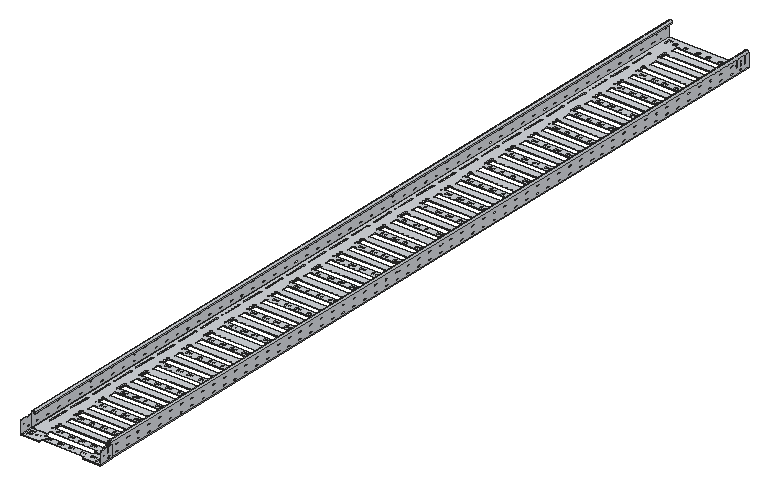
Revit family "MKSM Magic Kabelrinne 1 mm- MKSM 630 FT,FS", category Generic Models, Revit 2017 (continued)
Forms (mm)
  Extrusion 369, void
    sketch origin (0, 2340.144, 0) x (1, 0, 0) y (0, 1, 0)
      loop
        arc (92.517, 35.822) -> (96.008, 32.33) -> (99.5, 35.822) r 3.492
        line (99.5, 35.822) -> (99.5, 65.838)
        arc (99.5, 65.838) -> (96.008, 69.33) -> (92.517, 65.838) r 3.492
        line (92.517, 65.838) -> (92.517, 35.822)
      loop
        arc (-99.5, 35.83) -> (-96, 32.33) -> (-92.5, 35.83) r 3.5
        line (-92.5, 35.83) -> (-92.5, 65.83)
        arc (-92.5, 65.83) -> (-96, 69.33) -> (-99.5, 65.83) r 3.5
        line (-99.5, 65.83) -> (-99.5, 35.83)
    from 0 to 1
  Extrusion 370, void
    sketch origin (0, 2441.89, 0) x (1, 0, 0) y (0, 1, 0)
      loop
        line (-90, 63.54) -> (-90, 38.12) -> (90, 38.12) -> (90, 63.54) -> (-90, 63.54)
      loop
        arc (92.517, 35.822) -> (96.008, 32.33) -> (99.5, 35.822) r 3.492
        line (99.5, 35.822) -> (99.5, 65.838)
        arc (99.5, 65.838) -> (96.008, 69.33) -> (92.517, 65.838) r 3.492
        line (92.517, 65.838) -> (92.517, 35.822)
      loop
        arc (-99.5, 35.83) -> (-96, 32.33) -> (-92.5, 35.83) r 3.5
        line (-92.5, 35.83) -> (-92.5, 65.83)
        arc (-92.5, 65.83) -> (-96, 69.33) -> (-99.5, 65.83) r 3.5
        line (-99.5, 65.83) -> (-99.5, 35.83)
    from 0 to 1
  Extrusion 371, void
    sketch origin (0, 2543.636, 0) x (1, 0, 0) y (0, 1, 0)
      loop
        line (-90, 63.54) -> (-90, 38.12) -> (90, 38.12) -> (90, 63.54) -> (-90, 63.54)
      loop
        arc (92.517, 35.822) -> (96.008, 32.33) -> (99.5, 35.822) r 3.492
        line (99.5, 35.822) -> (99.5, 65.838)
        arc (99.5, 65.838) -> (96.008, 69.33) -> (92.517, 65.838) r 3.492
        line (92.517, 65.838) -> (92.517, 35.822)
      loop
        arc (-99.5, 35.83) -> (-96, 32.33) -> (-92.5, 35.83) r 3.5
        line (-92.5, 35.83) -> (-92.5, 65.83)
        arc (-92.5, 65.83) -> (-96, 69.33) -> (-99.5, 65.83) r 3.5
        line (-99.5, 65.83) -> (-99.5, 35.83)
    from 0 to 1
  Extrusion 372, void
    sketch origin (0, 2645.382, 0) x (1, 0, 0) y (0, 1, 0)
      loop
        line (-90, 63.54) -> (-90, 38.12) -> (90, 38.12) -> (90, 63.54) -> (-90, 63.54)
      loop
        arc (92.517, 35.822) -> (96.008, 32.33) -> (99.5, 35.822) r 3.492
        line (99.5, 35.822) -> (99.5, 65.838)
        arc (99.5, 65.838) -> (96.008, 69.33) -> (92.517, 65.838) r 3.492
        line (92.517, 65.838) -> (92.517, 35.822)
      loop
        arc (-99.5, 35.83) -> (-96, 32.33) -> (-92.5, 35.83) r 3.5
        line (-92.5, 35.83) -> (-92.5, 65.83)
        arc (-92.5, 65.83) -> (-96, 69.33) -> (-99.5, 65.83) r 3.5
        line (-99.5, 65.83) -> (-99.5, 35.83)
    from 0 to 1
  Extrusion 373, void
    sketch origin (0, 2747.128, 0) x (1, 0, 0) y (0, 1, 0)
      loop
        line (-90, 63.54) -> (-90, 38.12) -> (90, 38.12) -> (90, 63.54) -> (-90, 63.54)
      loop
        arc (92.517, 35.822) -> (96.008, 32.33) -> (99.5, 35.822) r 3.492
        line (99.5, 35.822) -> (99.5, 65.838)
        arc (99.5, 65.838) -> (96.008, 69.33) -> (92.517, 65.838) r 3.492
        line (92.517, 65.838) -> (92.517, 35.822)
      loop
        arc (-99.5, 35.83) -> (-96, 32.33) -> (-92.5, 35.83) r 3.5
        line (-92.5, 35.83) -> (-92.5, 65.83)
        arc (-92.5, 65.83) -> (-96, 69.33) -> (-99.5, 65.83) r 3.5
        line (-99.5, 65.83) -> (-99.5, 35.83)
    from 0 to 1
  Extrusion 374, void
    sketch origin (0, 2848.874, 0) x (1, 0, 0) y (0, 1, 0)
      loop
        line (-90, 63.54) -> (-90, 38.12) -> (90, 38.12) -> (90, 63.54) -> (-90, 63.54)
      loop
        arc (92.517, 35.822) -> (96.008, 32.33) -> (99.5, 35.822) r 3.492
        line (99.5, 35.822) -> (99.5, 65.838)
        arc (99.5, 65.838) -> (96.008, 69.33) -> (92.517, 65.838) r 3.492
        line (92.517, 65.838) -> (92.517, 35.822)
      loop
        arc (-99.5, 35.83) -> (-96, 32.33) -> (-92.5, 35.83) r 3.5
        line (-92.5, 35.83) -> (-92.5, 65.83)
        arc (-92.5, 65.83) -> (-96, 69.33) -> (-99.5, 65.83) r 3.5
        line (-99.5, 65.83) -> (-99.5, 35.83)
    from 0 to 1
  Extrusion 375, void
    sketch origin (0, 203.418, 0) x (1, 0, 0) y (0, 1, 0)
      loop
        line (-90, 115.21) -> (-90, 89.79) -> (90, 89.79) -> (90, 115.21) -> (-90, 115.21)
    from 0 to 1
  Extrusion 376, void
    sketch origin (0, 305.164, 0) x (1, 0, 0) y (0, 1, 0)
      loop
        line (-90, 115.21) -> (-90, 89.79) -> (90, 89.79) -> (90, 115.21) -> (-90, 115.21)
    from 0 to 1
  Extrusion 377, void
    sketch origin (0, 406.909, 0) x (1, 0, 0) y (0, 1, 0)
      loop
        line (-90, 115.21) -> (-90, 89.79) -> (90, 89.79) -> (90, 115.21) -> (-90, 115.21)
    from 0 to 1
  Extrusion 378, void
    sketch origin (0, 508.655, 0) x (1, 0, 0) y (0, 1, 0)
      loop
        line (-90, 115.21) -> (-90, 89.79) -> (90, 89.79) -> (90, 115.21) -> (-90, 115.21)
    from 0 to 1
  Extrusion 379, void
    sketch origin (0, 610.4, 0) x (1, 0, 0) y (0, 1, 0)
      loop
        line (-90, 115.21) -> (-90, 89.79) -> (90, 89.79) -> (90, 115.21) -> (-90, 115.21)
    from 0 to 1
  Extrusion 380, void
    sketch origin (0, 712.146, 0) x (1, 0, 0) y (0, 1, 0)
      loop
        line (-90, 115.21) -> (-90, 89.79) -> (90, 89.79) -> (90, 115.21) -> (-90, 115.21)
    from 0 to 1
  Extrusion 381, void
    sketch origin (0, 813.891, 0) x (1, 0, 0) y (0, 1, 0)
      loop
        line (-90, 115.21) -> (-90, 89.79) -> (90, 89.79) -> (90, 115.21) -> (-90, 115.21)
    from 0 to 1
  Extrusion 382, void
    sketch origin (0, 915.637, 0) x (1, 0, 0) y (0, 1, 0)
      loop
        line (-90, 115.21) -> (-90, 89.79) -> (90, 89.79) -> (90, 115.21) -> (-90, 115.21)
    from 0 to 1
  Extrusion 383, void
    sketch origin (0, 1017.382, 0) x (1, 0, 0) y (0, 1, 0)
      loop
        line (-90, 115.21) -> (-90, 89.79) -> (90, 89.79) -> (90, 115.21) -> (-90, 115.21)
    from 0 to 1
  Extrusion 384, void
    sketch origin (0, 1119.128, 0) x (1, 0, 0) y (0, 1, 0)
      loop
        line (-90, 115.21) -> (-90, 89.79) -> (90, 89.79) -> (90, 115.21) -> (-90, 115.21)
    from 0 to 1
  Extrusion 385, void
    sketch origin (0, 1220.874, 0) x (1, 0, 0) y (0, 1, 0)
      loop
        line (-90, 115.21) -> (-90, 89.79) -> (90, 89.79) -> (90, 115.21) -> (-90, 115.21)
    from 0 to 1
  Extrusion 386, void
    sketch origin (0, 1322.619, 0) x (1, 0, 0) y (0, 1, 0)
      loop
        line (-90, 115.21) -> (-90, 89.79) -> (90, 89.79) -> (90, 115.21) -> (-90, 115.21)
    from 0 to 1
  Extrusion 387, void
    sketch origin (0, 1424.365, 0) x (1, 0, 0) y (0, 1, 0)
      loop
        line (-90, 115.21) -> (-90, 89.79) -> (90, 89.79) -> (90, 115.21) -> (-90, 115.21)
    from 0 to 1
  Extrusion 388, void
    sketch origin (0, 1526.11, 0) x (1, 0, 0) y (0, 1, 0)
      loop
        line (-90, 115.21) -> (-90, 89.79) -> (90, 89.79) -> (90, 115.21) -> (-90, 115.21)
    from 0 to 1
  Extrusion 389, void
    sketch origin (0, 1627.856, 0) x (1, 0, 0) y (0, 1, 0)
      loop
        line (-90, 115.21) -> (-90, 89.79) -> (90, 89.79) -> (90, 115.21) -> (-90, 115.21)
    from 0 to 1
  Extrusion 390, void
    sketch origin (0, 1729.601, 0) x (1, 0, 0) y (0, 1, 0)
      loop
        line (-90, 115.21) -> (-90, 89.79) -> (90, 89.79) -> (90, 115.21) -> (-90, 115.21)
    from 0 to 1
  Extrusion 391, void
    sketch origin (0, 1831.347, 0) x (1, 0, 0) y (0, 1, 0)
      loop
        line (-90, 115.21) -> (-90, 89.79) -> (90, 89.79) -> (90, 115.21) -> (-90, 115.21)
    from 0 to 1
  Extrusion 392, void
    sketch origin (0, 1933.092, 0) x (1, 0, 0) y (0, 1, 0)
      loop
        line (-90, 115.21) -> (-90, 89.79) -> (90, 89.79) -> (90, 115.21) -> (-90, 115.21)
    from 0 to 1
  Extrusion 393, void
    sketch origin (0, 2034.838, 0) x (1, 0, 0) y (0, 1, 0)
      loop
        line (-90, 115.21) -> (-90, 89.79) -> (90, 89.79) -> (90, 115.21) -> (-90, 115.21)
    from 0 to 1
  Extrusion 394, void
    sketch origin (0, 2136.583, 0) x (1, 0, 0) y (0, 1, 0)
      loop
        line (-90, 115.21) -> (-90, 89.79) -> (90, 89.79) -> (90, 115.21) -> (-90, 115.21)
    from 0 to 1
  Extrusion 395, void
    sketch origin (0, 2238.329, 0) x (1, 0, 0) y (0, 1, 0)
      loop
        line (-90, 115.21) -> (-90, 89.79) -> (90, 89.79) -> (90, 115.21) -> (-90, 115.21)
    from 0 to 1
  Extrusion 396, void
    sketch origin (0, 2340.074, 0) x (1, 0, 0) y (0, 1, 0)
      loop
        line (-90, 115.21) -> (-90, 89.79) -> (90, 89.79) -> (90, 115.21) -> (-90, 115.21)
    from 0 to 1
  Extrusion 397, void
    sketch origin (0, 2441.82, 0) x (1, 0, 0) y (0, 1, 0)
      loop
        line (-90, 115.21) -> (-90, 89.79) -> (90, 89.79) -> (90, 115.21) -> (-90, 115.21)
    from 0 to 1
  Extrusion 398, void
    sketch origin (0, 2543.565, 0) x (1, 0, 0) y (0, 1, 0)
      loop
        line (-90, 115.21) -> (-90, 89.79) -> (90, 89.79) -> (90, 115.21) -> (-90, 115.21)
    from 0 to 1
  Extrusion 399, void
    sketch origin (0, 2645.311, 0) x (1, 0, 0) y (0, 1, 0)
      loop
        line (-90, 115.21) -> (-90, 89.79) -> (90, 89.79) -> (90, 115.21) -> (-90, 115.21)
    from 0 to 1
  Extrusion 400, void
    sketch origin (0, 2747.056, 0) x (1, 0, 0) y (0, 1, 0)
      loop
        line (-90, 115.21) -> (-90, 89.79) -> (90, 89.79) -> (90, 115.21) -> (-90, 115.21)
    from 0 to 1
  Extrusion 401, void
    sketch origin (0, 2848.802, 0) x (1, 0, 0) y (0, 1, 0)
      loop
        line (-90, 115.21) -> (-90, 89.79) -> (90, 89.79) -> (90, 115.21) -> (-90, 115.21)
    from 0 to 1
  Extrusion 402, void
    sketch origin (0, 0, 0) x (0, 1, 0) y (0, 0, 1)
      loop
        line (-50, 46.55) -> (-50, 38.367) -> (-47.022, 46.55) -> (-50, 46.55)
    from 150 to 151.79
  Extrusion 403, void
    sketch origin (0, 0, 0) x (0, 1, 0) y (0, 0, 1)
      loop
        line (-40, 29.6) -> (-40, 25.636) -> (-30, 25.636) -> (-30, 29.6) -> (-40, 29.6)
    from 150 to 151.79
  Extrusion 404, void
    sketch origin (0, 0, 0) x (0, 1, 0) y (0, 0, 1)
      loop
        line (-20, 38.451) -> (-20, 22.75)
        arc (-20, 22.75) -> (-19.854, 22.396) -> (-19.5, 22.25) r 0.5
        line (-19.5, 22.25) -> (-16.5, 22.25)
        arc (-16.5, 22.25) -> (-15.439, 22.689) -> (-15, 23.75) r 1.5
        line (-15, 23.75) -> (-15, 38.428) -> (-12.044, 46.55) -> (-15, 46.55) -> (-22.948, 46.55) -> (-20, 38.451)
    from 150 to 151.79
  Extrusion 405, void
    sketch origin (0, 0, 0) x (0, 1, 0) y (0, 0, 1)
      loop
        line (-50, 46.55) -> (-50, 38.367) -> (-47.022, 46.55) -> (-50, 46.55)
    from -151.75 to -150
  Extrusion 406, void
    sketch origin (0, 0, 0) x (0, 1, 0) y (0, 0, 1)
      loop
        line (-30, 29.6) -> (-40, 29.6) -> (-40, 25.6) -> (-30, 25.6) -> (-30, 29.6)
    from -151.75 to -150
  Extrusion 407, void
    sketch origin (0, 0, 0) x (0, 1, 0) y (0, 0, 1)
      loop
        line (-9.262, 17.5) -> (-17.738, 17.5)
        arc (-17.738, 17.5) -> (-22, 13.238) -> (-17.738, 8.976) r 4.262
        line (-17.738, 8.976) -> (-9.262, 8.976)
        arc (-9.262, 8.976) -> (-5, 13.238) -> (-9.262, 17.5) r 4.262
    from -151.75 to -150
  Extrusion 408, void
    sketch origin (0, 0, 0) x (0, 1, 0) y (0, 0, 1)
      loop
        arc (-17.738, 17.5) -> (-22, 13.238) -> (-17.738, 8.976) r 4.262
        line (-17.738, 8.976) -> (-9.262, 8.976)
        arc (-9.262, 8.976) -> (-5, 13.238) -> (-9.262, 17.5) r 4.262
        line (-9.262, 17.5) -> (-17.738, 17.5)
    from 150 to 151.79
  Extrusion 409, void
    sketch origin (0, 0, 0) x (0, 1, 0) y (0, 0, 1)
      loop
        line (-20, 38.451) -> (-20, 22.323) -> (-15, 22.323) -> (-15, 38.428) -> (-12.044, 46.55) -> (-22.948, 46.55) -> (-20, 38.451)
    from -151.75 to -150
Cuts and joins
  Extrusion 3, Extrusion 4, Extrusion 5, Extrusion 6, Extrusion 7, Extrusion 8, Extrusion 9, Extrusion 10, Extrusion 11, Extrusion 12, Extrusion 13, Extrusion 14, Extrusion 15, Extrusion 16, Extrusion 17, Extrusion 18, Extrusion 19, Extrusion 20, Extrusion 21, Extrusion 22, Extrusion 23, Extrusion 24, Extrusion 25, Extrusion 26, Extrusion 27, Extrusion 28, Extrusion 29, Extrusion 30, Extrusion 31, Extrusion 32, Extrusion 33, Extrusion 34, Extrusion 35, Extrusion 36, Extrusion 37, Extrusion 38, Extrusion 39, Extrusion 40, Extrusion 41, Extrusion 42, Extrusion 43, Extrusion 44, Extrusion 45, Extrusion 46, Extrusion 47, Extrusion 48, Extrusion 49, Extrusion 50, Extrusion 51, Extrusion 52, Extrusion 53, Extrusion 54, Extrusion 55, Extrusion 56, Extrusion 57, Extrusion 58, Extrusion 59, Extrusion 60, Extrusion 61, Extrusion 62, Extrusion 63, Extrusion 64, Extrusion 65, Extrusion 66, Extrusion 67, Extrusion 68, Extrusion 69, Extrusion 70, Extrusion 71, Extrusion 72, Extrusion 73, Extrusion 74, Extrusion 75, Extrusion 76, Extrusion 77, Extrusion 78, Extrusion 79, Extrusion 80, Extrusion 81, Extrusion 82, Extrusion 83, Extrusion 84, Extrusion 85, Extrusion 86, Extrusion 87, Extrusion 88, Extrusion 89, Extrusion 90, Extrusion 91, Extrusion 92, Extrusion 93, Extrusion 94, Extrusion 95, Extrusion 96, Extrusion 97, Extrusion 98, Extrusion 99, Extrusion 100, Extrusion 101, Extrusion 102, Extrusion 103, Extrusion 104, Extrusion 105, Extrusion 106, Extrusion 107, Extrusion 108, Extrusion 109, Extrusion 110, Extrusion 111, Extrusion 112, Extrusion 113, Extrusion 114, Extrusion 115, Extrusion 116, Extrusion 117, Extrusion 118, Extrusion 119, Extrusion 120, Extrusion 121, Extrusion 122, Extrusion 123, Extrusion 124, Extrusion 125, Extrusion 126, Extrusion 127, Extrusion 128, Extrusion 129, Extrusion 130, Extrusion 131, Extrusion 132, Extrusion 133, Extrusion 134, Extrusion 135, Extrusion 136, Extrusion 137, Extrusion 138, Extrusion 139, Extrusion 140, Extrusion 141, Extrusion 142, Extrusion 143, Extrusion 144, Extrusion 145, Extrusion 146, Extrusion 147, Extrusion 148, Extrusion 149, Extrusion 150, Extrusion 151, Extrusion 152, Extrusion 153, Extrusion 154, Extrusion 155, Extrusion 156, Extrusion 157, Extrusion 158, Extrusion 159, Extrusion 160, Extrusion 161, Extrusion 162, Extrusion 163, Extrusion 164, Extrusion 165, Extrusion 166, Extrusion 167, Extrusion 168, Extrusion 169, Extrusion 170, Extrusion 171, Extrusion 172, Extrusion 173, Extrusion 174, Extrusion 175, Extrusion 176, Extrusion 177, Extrusion 178, Extrusion 179, Extrusion 180, Extrusion 181, Extrusion 182, Extrusion 183, Extrusion 184, Extrusion 185, Extrusion 186, Extrusion 187, Extrusion 188, Extrusion 189, Extrusion 190, Extrusion 191, Extrusion 192, Extrusion 193, Extrusion 194, Extrusion 195, Extrusion 196, Extrusion 197, Extrusion 198, Extrusion 199, Extrusion 200, Extrusion 201, Extrusion 202, Extrusion 203, Extrusion 204, Extrusion 205, Extrusion 206, Extrusion 207, Extrusion 208, Extrusion 209, Extrusion 210, Extrusion 211, Extrusion 212, Extrusion 213, Extrusion 214, Extrusion 215, Extrusion 216, Extrusion 217, Extrusion 218, Extrusion 219, Extrusion 220, Extrusion 221, Extrusion 222, Extrusion 223, Extrusion 224, Extrusion 225, Extrusion 226, Extrusion 227, Extrusion 228, Extrusion 229, Extrusion 230, Extrusion 231, Extrusion 232, Extrusion 233, Extrusion 234, Extrusion 235, Extrusion 236, Extrusion 237, Extrusion 238, Extrusion 239, Extrusion 240, Extrusion 241, Extrusion 242, Extrusion 243, Extrusion 244, Extrusion 249, Extrusion 250, Extrusion 251, Extrusion 252, Extrusion 254, Extrusion 257, Extrusion 258, Extrusion 259, Extrusion 260, Extrusion 261, Extrusion 262, Extrusion 263, Extrusion 264, Extrusion 265, Extrusion 266, Extrusion 267, Extrusion 268, Extrusion 269, Extrusion 270, Extrusion 271, Extrusion 272, Extrusion 273, Extrusion 274, Extrusion 275, Extrusion 276, Extrusion 277, Extrusion 278, Extrusion 279, Extrusion 280, Extrusion 281, Extrusion 282, Extrusion 283, Extrusion 284, Extrusion 285, Extrusion 286, Extrusion 287, Extrusion 289, Extrusion 290, Extrusion 291, Extrusion 292, Extrusion 293, Extrusion 294, Extrusion 295, Extrusion 296, Extrusion 297, Extrusion 298, Extrusion 299, Extrusion 300, Extrusion 301, Extrusion 302, Extrusion 303, Extrusion 304, Extrusion 305, Extrusion 306, Extrusion 307, Extrusion 308, Extrusion 309, Extrusion 310, Extrusion 311, Extrusion 312, Extrusion 313, Extrusion 314, Extrusion 315, Extrusion 316, Extrusion 317, Extrusion 318, Extrusion 319, Extrusion 320, Extrusion 321, Extrusion 322, Extrusion 323, Extrusion 324, Extrusion 325, Extrusion 326, Extrusion 327, Extrusion 328, Extrusion 329, Extrusion 330, Extrusion 331, Extrusion 332, Extrusion 333, Extrusion 334, Extrusion 335, Extrusion 336, Extrusion 337, Extrusion 338, Extrusion 339, Extrusion 340, Extrusion 341, Extrusion 342, Extrusion 343, Extrusion 344, Extrusion 345, Extrusion 346, Extrusion 347, Extrusion 348, Extrusion 349, Extrusion 350, Extrusion 351, Extrusion 352, Extrusion 353, Extrusion 354, Extrusion 355, Extrusion 356, Extrusion 357, Extrusion 358, Extrusion 359, Extrusion 360, Extrusion 361, Extrusion 362, Extrusion 363, Extrusion 364, Extrusion 365, Extrusion 366, Extrusion 367, Extrusion 368, Extrusion 369, Extrusion 370, Extrusion 371, Extrusion 372, Extrusion 373, Extrusion 374, Extrusion 375, Extrusion 376, Extrusion 377, Extrusion 378, Extrusion 379, Extrusion 380, Extrusion 381, Extrusion 382, Extrusion 383, Extrusion 384, Extrusion 385, Extrusion 386, Extrusion 387, Extrusion 388, Extrusion 389, Extrusion 390, Extrusion 391, Extrusion 392, Extrusion 393, Extrusion 394, Extrusion 395, Extrusion 396, Extrusion 397, Extrusion 398, Extrusion 399, Extrusion 400, Extrusion 401 cuts Extrusion 1
  Extrusion 7, Extrusion 245, Extrusion 246, Extrusion 247, Extrusion 248, Extrusion 287, Extrusion 288, Extrusion 402, Extrusion 403, Extrusion 404, Extrusion 405, Extrusion 406, Extrusion 407, Extrusion 408, Extrusion 409 cuts Extrusion 2
  Extrusion 254 cuts Extrusion 253
  Extrusion 257 cuts Extrusion 255
  Extrusion 257 cuts Extrusion 256
Dimensions and locks
  "Width 1": Extrusion 1 sketch curve to plane 3 "Center (Left/Right)"
  Extrusion 1 sketch curve to plane 3 "Center (Left/Right)" = 150 mm
  locked: Extrusion 1 sketch curve to Extrusion 1 sketch curve at 12  (x2)
  "Height": Extrusion 1 sketch curve to Extrusion 1 sketch curve  (x2)
  locked: plane 5 to plane 6 at 9
  "Width": Extrusion 1 sketch curve to Extrusion 1 sketch curve
  locked: Extrusion 1 to Extrusion 1 at 1  (x5)
  locked: plane 7 to Extrusion 1 sketch curve at 1
  locked: plane 5 to Extrusion 1 sketch curve at 1
  Extrusion 2 sketch curve to Extrusion 2 sketch curve = 48.3 mm  (x2)
  "Height 1": Extrusion 2 to plane 9
  locked: Extrusion 2 to Extrusion 2 at 1.75  (x4)
  "Height 1": Extrusion 2 to Extrusion 2  (x2)
  Extrusion 1 to Extrusion 2 = 50 mm
  "Length 1": plane 1 "Center (Front/Back)" to plane 15
  plane 16 to Extrusion 1 = 50 mm
  plane 19 to plane 17 = 27.495 mm
  locked: cut or joined group 1 (Extrusion 1, Extrusion 3, Extrusion 4, Extrusion 5, Extrusion 6, Extrusion 7, Extrusion 8, Extrusion 9, Extrusion 10, Extrusion 11, Extrusion 12, Extrusion 13, Extrusion 14, Extrusion 15, Extrusion 16, Extrusion 17, Extrusion 18, Extrusion 19, Extrusion 20, Extrusion 21, Extrusion 22, Extrusion 23, Extrusion 24, Extrusion 25, Extrusion 26, Extrusion 27, Extrusion 28, Extrusion 29, Extrusion 30, Extrusion 31, Extrusion 32, Extrusion 33, Extrusion 34, Extrusion 35, Extrusion 36, Extrusion 37, Extrusion 38, Extrusion 39, Extrusion 40, Extrusion 41, Extrusion 42, Extrusion 43, Extrusion 44, Extrusion 45, Extrusion 46, Extrusion 47, Extrusion 48, Extrusion 49, Extrusion 50, Extrusion 51, Extrusion 52, Extrusion 53, Extrusion 54, Extrusion 55, Extrusion 56, Extrusion 57, Extrusion 58, Extrusion 59, Extrusion 60, Extrusion 61, Extrusion 62, Extrusion 63, Extrusion 64, Extrusion 65, Extrusion 66, Extrusion 67, Extrusion 68, Extrusion 69, Extrusion 70, Extrusion 71, Extrusion 72, Extrusion 73, Extrusion 74, Extrusion 75, Extrusion 76, Extrusion 77, Extrusion 78, Extrusion 79, Extrusion 80, Extrusion 81, Extrusion 82, Extrusion 83, Extrusion 84, Extrusion 85, Extrusion 86, Extrusion 87, Extrusion 88, Extrusion 89, Extrusion 90, Extrusion 91, Extrusion 92, Extrusion 93, Extrusion 94, Extrusion 95, Extrusion 96, Extrusion 97, Extrusion 98, Extrusion 99, Extrusion 100, Extrusion 101, Extrusion 102, Extrusion 103, Extrusion 104, Extrusion 105, Extrusion 106, Extrusion 107, Extrusion 108, Extrusion 109, Extrusion 110, Extrusion 111, Extrusion 112, Extrusion 113, Extrusion 114, Extrusion 115, Extrusion 116, Extrusion 117, Extrusion 118, Extrusion 119, Extrusion 120, Extrusion 121, Extrusion 122, Extrusion 123, Extrusion 124, Extrusion 125, Extrusion 126, Extrusion 127, Extrusion 128, Extrusion 129, Extrusion 130, Extrusion 131, Extrusion 132, Extrusion 133, Extrusion 134, Extrusion 135, Extrusion 136, Extrusion 137, Extrusion 138, Extrusion 139, Extrusion 140, Extrusion 141, Extrusion 142, Extrusion 143, Extrusion 144, Extrusion 145, Extrusion 146, Extrusion 147, Extrusion 148, Extrusion 149, Extrusion 150, Extrusion 151, Extrusion 152, Extrusion 153, Extrusion 154, Extrusion 155, Extrusion 156, Extrusion 157, Extrusion 158, Extrusion 159, Extrusion 160, Extrusion 161, Extrusion 162, Extrusion 163, Extrusion 164, Extrusion 165, Extrusion 166, Extrusion 167, Extrusion 168, Extrusion 169, Extrusion 170, Extrusion 171, Extrusion 172, Extrusion 173, Extrusion 174, Extrusion 175, Extrusion 176, Extrusion 177, Extrusion 178, Extrusion 179, Extrusion 180, Extrusion 181, Extrusion 182, Extrusion 183, Extrusion 184, Extrusion 185, Extrusion 186, Extrusion 187, Extrusion 188, Extrusion 189, Extrusion 190, Extrusion 191, Extrusion 192, Extrusion 193, Extrusion 194, Extrusion 195, Extrusion 196, Extrusion 197, Extrusion 198, Extrusion 199, Extrusion 200, Extrusion 201, Extrusion 202, Extrusion 203, Extrusion 204, Extrusion 205, Extrusion 206, Extrusion 207, Extrusion 208, Extrusion 209, Extrusion 210, Extrusion 211, Extrusion 212, Extrusion 213, Extrusion 214, Extrusion 215, Extrusion 216, Extrusion 217, Extrusion 218, Extrusion 219, Extrusion 220, Extrusion 221, Extrusion 222, Extrusion 223, Extrusion 224, Extrusion 225, Extrusion 226, Extrusion 227, Extrusion 228, Extrusion 229, Extrusion 230, Extrusion 231, Extrusion 232, Extrusion 233, Extrusion 234, Extrusion 235, Extrusion 236, Extrusion 237, Extrusion 238, Extrusion 239, Extrusion 240, Extrusion 241, Extrusion 242, Extrusion 243, Extrusion 244, Extrusion 249, Extrusion 250, Extrusion 251, Extrusion 252, Extrusion 254, Extrusion 257, Extrusion 258, Extrusion 259, Extrusion 260, Extrusion 261, Extrusion 262, Extrusion 263, Extrusion 264, Extrusion 265, Extrusion 266, Extrusion 267, Extrusion 268, Extrusion 269, Extrusion 270, Extrusion 271, Extrusion 272, Extrusion 273, Extrusion 274, Extrusion 275, Extrusion 276, Extrusion 277, Extrusion 278, Extrusion 279, Extrusion 280, Extrusion 281, Extrusion 282, Extrusion 283, Extrusion 284, Extrusion 285, Extrusion 286, Extrusion 287, Extrusion 289, Extrusion 290, Extrusion 291, Extrusion 292, Extrusion 293, Extrusion 294, Extrusion 295, Extrusion 296, Extrusion 297, Extrusion 298, Extrusion 299, Extrusion 300, Extrusion 301, Extrusion 302, Extrusion 303, Extrusion 304, Extrusion 305, Extrusion 306, Extrusion 307, Extrusion 308, Extrusion 309, Extrusion 310, Extrusion 311, Extrusion 312, Extrusion 313, Extrusion 314, Extrusion 315, Extrusion 316, Extrusion 317, Extrusion 318, Extrusion 319, Extrusion 320, Extrusion 321, Extrusion 322, Extrusion 323, Extrusion 324, Extrusion 325, Extrusion 326, Extrusion 327, Extrusion 328, Extrusion 329, Extrusion 330, Extrusion 331, Extrusion 332, Extrusion 333, Extrusion 334, Extrusion 335, Extrusion 336, Extrusion 337, Extrusion 338, Extrusion 339, Extrusion 340, Extrusion 341, Extrusion 342, Extrusion 343, Extrusion 344, Extrusion 345, Extrusion 346, Extrusion 347, Extrusion 348, Extrusion 349, Extrusion 350, Extrusion 351, Extrusion 352, Extrusion 353, Extrusion 354, Extrusion 355, Extrusion 356, Extrusion 357, Extrusion 358, Extrusion 359, Extrusion 360, Extrusion 361, Extrusion 362, Extrusion 363, Extrusion 364, Extrusion 365, Extrusion 366, Extrusion 367, Extrusion 368, Extrusion 369, Extrusion 370, Extrusion 371, Extrusion 372, Extrusion 373, Extrusion 374, Extrusion 375, Extrusion 376, Extrusion 377, Extrusion 378, Extrusion 379, Extrusion 380, Extrusion 381, Extrusion 382, Extrusion 383, Extrusion 384, Extrusion 385, Extrusion 386, Extrusion 387, Extrusion 388, Extrusion 389, Extrusion 390, Extrusion 391, Extrusion 392, Extrusion 393, Extrusion 394, Extrusion 395, Extrusion 396, Extrusion 397, Extrusion 398, Extrusion 399, Extrusion 400, Extrusion 401) to cut or joined group 2 (Extrusion 1, Extrusion 3, Extrusion 4, Extrusion 5, Extrusion 6, Extrusion 7, Extrusion 8, Extrusion 9, Extrusion 10, Extrusion 11, Extrusion 12, Extrusion 13, Extrusion 14, Extrusion 15, Extrusion 16, Extrusion 17, Extrusion 18, Extrusion 19, Extrusion 20, Extrusion 21, Extrusion 22, Extrusion 23, Extrusion 24, Extrusion 25, Extrusion 26, Extrusion 27, Extrusion 28, Extrusion 29, Extrusion 30, Extrusion 31, Extrusion 32, Extrusion 33, Extrusion 34, Extrusion 35, Extrusion 36, Extrusion 37, Extrusion 38, Extrusion 39, Extrusion 40, Extrusion 41, Extrusion 42, Extrusion 43, Extrusion 44, Extrusion 45, Extrusion 46, Extrusion 47, Extrusion 48, Extrusion 49, Extrusion 50, Extrusion 51, Extrusion 52, Extrusion 53, Extrusion 54, Extrusion 55, Extrusion 56, Extrusion 57, Extrusion 58, Extrusion 59, Extrusion 60, Extrusion 61, Extrusion 62, Extrusion 63, Extrusion 64, Extrusion 65, Extrusion 66, Extrusion 67, Extrusion 68, Extrusion 69, Extrusion 70, Extrusion 71, Extrusion 72, Extrusion 73, Extrusion 74, Extrusion 75, Extrusion 76, Extrusion 77, Extrusion 78, Extrusion 79, Extrusion 80, Extrusion 81, Extrusion 82, Extrusion 83, Extrusion 84, Extrusion 85, Extrusion 86, Extrusion 87, Extrusion 88, Extrusion 89, Extrusion 90, Extrusion 91, Extrusion 92, Extrusion 93, Extrusion 94, Extrusion 95, Extrusion 96, Extrusion 97, Extrusion 98, Extrusion 99, Extrusion 100, Extrusion 101, Extrusion 102, Extrusion 103, Extrusion 104, Extrusion 105, Extrusion 106, Extrusion 107, Extrusion 108, Extrusion 109, Extrusion 110, Extrusion 111, Extrusion 112, Extrusion 113, Extrusion 114, Extrusion 115, Extrusion 116, Extrusion 117, Extrusion 118, Extrusion 119, Extrusion 120, Extrusion 121, Extrusion 122, Extrusion 123, Extrusion 124, Extrusion 125, Extrusion 126, Extrusion 127, Extrusion 128, Extrusion 129, Extrusion 130, Extrusion 131, Extrusion 132, Extrusion 133, Extrusion 134, Extrusion 135, Extrusion 136, Extrusion 137, Extrusion 138, Extrusion 139, Extrusion 140, Extrusion 141, Extrusion 142, Extrusion 143, Extrusion 144, Extrusion 145, Extrusion 146, Extrusion 147, Extrusion 148, Extrusion 149, Extrusion 150, Extrusion 151, Extrusion 152), Extrusion
     153, Extrusion 154, Extrusion 155, Extrusion 156, Extrusion 157, Extrusion 158, Extrusion 159, Extrusion 160, Extrusion 161, Extrusion 162, Extrusion 163, Extrusion 164, Extrusion 165, Extrusion 166, Extrusion 167, Extrusion 168, Extrusion 169, Extrusion 170, Extrusion 171, Extrusion 172, Extrusion 173, Extrusion 174, Extrusion 175, Extrusion 176, Extrusion 177, Extrusion 178, Extrusion 179, Extrusion 180, Extrusion 181, Extrusion 182, Extrusion 183, Extrusion 184, Extrusion 185, Extrusion 186, Extrusion 187, Extrusion 188, Extrusion 189, Extrusion 190, Extrusion 191, Extrusion 192, Extrusion 193, Extrusion 194, Extrusion 195, Extrusion 196, Extrusion 197, Extrusion 198, Extrusion 199, Extrusion 200, Extrusion 201, Extrusion 202, Extrusion 203, Extrusion 204, Extrusion 205, Extrusion 206, Extrusion 207, Extrusion 208, Extrusion 209, Extrusion 210, Extrusion 211, Extrusion 212, Extrusion 213, Extrusion 214, Extrusion 215, Extrusion 216, Extrusion 217, Extrusion 218, Extrusion 219, Extrusion 220, Extrusion 221, Extrusion 222, Extrusion 223, Extrusion 224, Extrusion 225, Extrusion 226, Extrusion 227, Extrusion 228, Extrusion 229, Extrusion 230, Extrusion 231, Extrusion 232, Extrusion 233, Extrusion 234, Extrusion 235, Extrusion 236, Extrusion 237, Extrusion 238, Extrusion 239, Extrusion 240, Extrusion 241, Extrusion 242, Extrusion 243, Extrusion 244, Extrusion 249, Extrusion 250, Extrusion 251, Extrusion 252, Extrusion 254, Extrusion 257, Extrusion 258, Extrusion 259, Extrusion 260, Extrusion 261, Extrusion 262, Extrusion 263, Extrusion 264, Extrusion 265, Extrusion 266, Extrusion 267, Extrusion 268, Extrusion 269, Extrusion 270, Extrusion 271, Extrusion 272, Extrusion 273, Extrusion 274, Extrusion 275, Extrusion 276, Extrusion 277, Extrusion 278, Extrusion 279, Extrusion 280, Extrusion 281, Extrusion 282, Extrusion 283, Extrusion 284, Extrusion 285, Extrusion 286, Extrusion 287, Extrusion 289, Extrusion 290, Extrusion 291, Extrusion 292, Extrusion 293, Extrusion 294, Extrusion 295, Extrusion 296, Extrusion 297, Extrusion 298, Extrusion 299, Extrusion 300, Extrusion 301, Extrusion 302, Extrusion 303, Extrusion 304, Extrusion 305, Extrusion 306, Extrusion 307, Extrusion 308, Extrusion 309, Extrusion 310, Extrusion 311, Extrusion 312, Extrusion 313, Extrusion 314, Extrusion 315, Extrusion 316, Extrusion 317, Extrusion 318, Extrusion 319, Extrusion 320, Extrusion 321, Extrusion 322, Extrusion 323, Extrusion 324, Extrusion 325, Extrusion 326, Extrusion 327, Extrusion 328, Extrusion 329, Extrusion 330, Extrusion 331, Extrusion 332, Extrusion 333, Extrusion 334, Extrusion 335, Extrusion 336, Extrusion 337, Extrusion 338, Extrusion 339, Extrusion 340, Extrusion 341, Extrusion 342, Extrusion 343, Extrusion 344, Extrusion 345, Extrusion 346, Extrusion 347, Extrusion 348, Extrusion 349, Extrusion 350, Extrusion 351, Extrusion 352, Extrusion 353, Extrusion 354, Extrusion 355, Extrusion 356, Extrusion 357, Extrusion 358, Extrusion 359, Extrusion 360, Extrusion 361, Extrusion 362, Extrusion 363, Extrusion 364, Extrusion 365, Extrusion 366, Extrusion 367, Extrusion 368, Extrusion 369, Extrusion 370, Extrusion 371, Extrusion 372, Extrusion 373, Extrusion 374, Extrusion 375, Extrusion 376, Extrusion 377, Extrusion 378, Extrusion 379, Extrusion 380, Extrusion 381, Extrusion 382, Extrusion 383, Extrusion 384, Extrusion 385, Extrusion 386, Extrusion 387, Extrusion 388, Extrusion 389, Extrusion 390, Extrusion 391, Extrusion 392, Extrusion 393, Extrusion 394, Extrusion 395, Extrusion 396, Extrusion 397, Extrusion 398, Extrusion 399, Extrusion 400, Extrusion 401 at 39.85  (x2)
  locked: cut or joined group 1 to cut or joined group 2, Extrusion
     153, Extrusion 154, Extrusion 155, Extrusion 156, Extrusion 157, Extrusion 158, Extrusion 159, Extrusion 160, Extrusion 161, Extrusion 162, Extrusion 163, Extrusion 164, Extrusion 165, Extrusion 166, Extrusion 167, Extrusion 168, Extrusion 169, Extrusion 170, Extrusion 171, Extrusion 172, Extrusion 173, Extrusion 174, Extrusion 175, Extrusion 176, Extrusion 177, Extrusion 178, Extrusion 179, Extrusion 180, Extrusion 181, Extrusion 182, Extrusion 183, Extrusion 184, Extrusion 185, Extrusion 186, Extrusion 187, Extrusion 188, Extrusion 189, Extrusion 190, Extrusion 191, Extrusion 192, Extrusion 193, Extrusion 194, Extrusion 195, Extrusion 196, Extrusion 197, Extrusion 198, Extrusion 199, Extrusion 200, Extrusion 201, Extrusion 202, Extrusion 203, Extrusion 204, Extrusion 205, Extrusion 206, Extrusion 207, Extrusion 208, Extrusion 209, Extrusion 210, Extrusion 211, Extrusion 212, Extrusion 213, Extrusion 214, Extrusion 215, Extrusion 216, Extrusion 217, Extrusion 218, Extrusion 219, Extrusion 220, Extrusion 221, Extrusion 222, Extrusion 223, Extrusion 224, Extrusion 225, Extrusion 226, Extrusion 227, Extrusion 228, Extrusion 229, Extrusion 230, Extrusion 231, Extrusion 232, Extrusion 233, Extrusion 234, Extrusion 235, Extrusion 236, Extrusion 237, Extrusion 238, Extrusion 239, Extrusion 240, Extrusion 241, Extrusion 242, Extrusion 243, Extrusion 244, Extrusion 249, Extrusion 250, Extrusion 251, Extrusion 252, Extrusion 254, Extrusion 257, Extrusion 258, Extrusion 259, Extrusion 260, Extrusion 261, Extrusion 262, Extrusion 263, Extrusion 264, Extrusion 265, Extrusion 266, Extrusion 267, Extrusion 268, Extrusion 269, Extrusion 270, Extrusion 271, Extrusion 272, Extrusion 273, Extrusion 274, Extrusion 275, Extrusion 276, Extrusion 277, Extrusion 278, Extrusion 279, Extrusion 280, Extrusion 281, Extrusion 282, Extrusion 283, Extrusion 284, Extrusion 285, Extrusion 286, Extrusion 287, Extrusion 289, Extrusion 290, Extrusion 291, Extrusion 292, Extrusion 293, Extrusion 294, Extrusion 295, Extrusion 296, Extrusion 297, Extrusion 298, Extrusion 299, Extrusion 300, Extrusion 301, Extrusion 302, Extrusion 303, Extrusion 304, Extrusion 305, Extrusion 306, Extrusion 307, Extrusion 308, Extrusion 309, Extrusion 310, Extrusion 311, Extrusion 312, Extrusion 313, Extrusion 314, Extrusion 315, Extrusion 316, Extrusion 317, Extrusion 318, Extrusion 319, Extrusion 320, Extrusion 321, Extrusion 322, Extrusion 323, Extrusion 324, Extrusion 325, Extrusion 326, Extrusion 327, Extrusion 328, Extrusion 329, Extrusion 330, Extrusion 331, Extrusion 332, Extrusion 333, Extrusion 334, Extrusion 335, Extrusion 336, Extrusion 337, Extrusion 338, Extrusion 339, Extrusion 340, Extrusion 341, Extrusion 342, Extrusion 343, Extrusion 344, Extrusion 345, Extrusion 346, Extrusion 347, Extrusion 348, Extrusion 349, Extrusion 350, Extrusion 351, Extrusion 352, Extrusion 353, Extrusion 354, Extrusion 355, Extrusion 356, Extrusion 357, Extrusion 358, Extrusion 359, Extrusion 360, Extrusion 361, Extrusion 362, Extrusion 363, Extrusion 364, Extrusion 365, Extrusion 366, Extrusion 367, Extrusion 368, Extrusion 369, Extrusion 370, Extrusion 371, Extrusion 372, Extrusion 373, Extrusion 374, Extrusion 375, Extrusion 376, Extrusion 377, Extrusion 378, Extrusion 379, Extrusion 380, Extrusion 381, Extrusion 382, Extrusion 383, Extrusion 384, Extrusion 385, Extrusion 386, Extrusion 387, Extrusion 388, Extrusion 389, Extrusion 390, Extrusion 391, Extrusion 392, Extrusion 393, Extrusion 394, Extrusion 395, Extrusion 396, Extrusion 397, Extrusion 398, Extrusion 399, Extrusion 400, Extrusion 401 at 31.85  (x2)
  locked: cut or joined group 1 to cut or joined group 2, Extrusion
     153, Extrusion 154, Extrusion 155, Extrusion 156, Extrusion 157, Extrusion 158, Extrusion 159, Extrusion 160, Extrusion 161, Extrusion 162, Extrusion 163, Extrusion 164, Extrusion 165, Extrusion 166, Extrusion 167, Extrusion 168, Extrusion 169, Extrusion 170, Extrusion 171, Extrusion 172, Extrusion 173, Extrusion 174, Extrusion 175, Extrusion 176, Extrusion 177, Extrusion 178, Extrusion 179, Extrusion 180, Extrusion 181, Extrusion 182, Extrusion 183, Extrusion 184, Extrusion 185, Extrusion 186, Extrusion 187, Extrusion 188, Extrusion 189, Extrusion 190, Extrusion 191, Extrusion 192, Extrusion 193, Extrusion 194, Extrusion 195, Extrusion 196, Extrusion 197, Extrusion 198, Extrusion 199, Extrusion 200, Extrusion 201, Extrusion 202, Extrusion 203, Extrusion 204, Extrusion 205, Extrusion 206, Extrusion 207, Extrusion 208, Extrusion 209, Extrusion 210, Extrusion 211, Extrusion 212, Extrusion 213, Extrusion 214, Extrusion 215, Extrusion 216, Extrusion 217, Extrusion 218, Extrusion 219, Extrusion 220, Extrusion 221, Extrusion 222, Extrusion 223, Extrusion 224, Extrusion 225, Extrusion 226, Extrusion 227, Extrusion 228, Extrusion 229, Extrusion 230, Extrusion 231, Extrusion 232, Extrusion 233, Extrusion 234, Extrusion 235, Extrusion 236, Extrusion 237, Extrusion 238, Extrusion 239, Extrusion 240, Extrusion 241, Extrusion 242, Extrusion 243, Extrusion 244, Extrusion 249, Extrusion 250, Extrusion 251, Extrusion 252, Extrusion 254, Extrusion 257, Extrusion 258, Extrusion 259, Extrusion 260, Extrusion 261, Extrusion 262, Extrusion 263, Extrusion 264, Extrusion 265, Extrusion 266, Extrusion 267, Extrusion 268, Extrusion 269, Extrusion 270, Extrusion 271, Extrusion 272, Extrusion 273, Extrusion 274, Extrusion 275, Extrusion 276, Extrusion 277, Extrusion 278, Extrusion 279, Extrusion 280, Extrusion 281, Extrusion 282, Extrusion 283, Extrusion 284, Extrusion 285, Extrusion 286, Extrusion 287, Extrusion 289, Extrusion 290, Extrusion 291, Extrusion 292, Extrusion 293, Extrusion 294, Extrusion 295, Extrusion 296, Extrusion 297, Extrusion 298, Extrusion 299, Extrusion 300, Extrusion 301, Extrusion 302, Extrusion 303, Extrusion 304, Extrusion 305, Extrusion 306, Extrusion 307, Extrusion 308, Extrusion 309, Extrusion 310, Extrusion 311, Extrusion 312, Extrusion 313, Extrusion 314, Extrusion 315, Extrusion 316, Extrusion 317, Extrusion 318, Extrusion 319, Extrusion 320, Extrusion 321, Extrusion 322, Extrusion 323, Extrusion 324, Extrusion 325, Extrusion 326, Extrusion 327, Extrusion 328, Extrusion 329, Extrusion 330, Extrusion 331, Extrusion 332, Extrusion 333, Extrusion 334, Extrusion 335, Extrusion 336, Extrusion 337, Extrusion 338, Extrusion 339, Extrusion 340, Extrusion 341, Extrusion 342, Extrusion 343, Extrusion 344, Extrusion 345, Extrusion 346, Extrusion 347, Extrusion 348, Extrusion 349, Extrusion 350, Extrusion 351, Extrusion 352, Extrusion 353, Extrusion 354, Extrusion 355, Extrusion 356, Extrusion 357, Extrusion 358, Extrusion 359, Extrusion 360, Extrusion 361, Extrusion 362, Extrusion 363, Extrusion 364, Extrusion 365, Extrusion 366, Extrusion 367, Extrusion 368, Extrusion 369, Extrusion 370, Extrusion 371, Extrusion 372, Extrusion 373, Extrusion 374, Extrusion 375, Extrusion 376, Extrusion 377, Extrusion 378, Extrusion 379, Extrusion 380, Extrusion 381, Extrusion 382, Extrusion 383, Extrusion 384, Extrusion 385, Extrusion 386, Extrusion 387, Extrusion 388, Extrusion 389, Extrusion 390, Extrusion 391, Extrusion 392, Extrusion 393, Extrusion 394, Extrusion 395, Extrusion 396, Extrusion 397, Extrusion 398, Extrusion 399, Extrusion 400, Extrusion 401 at 20.85  (x2)
